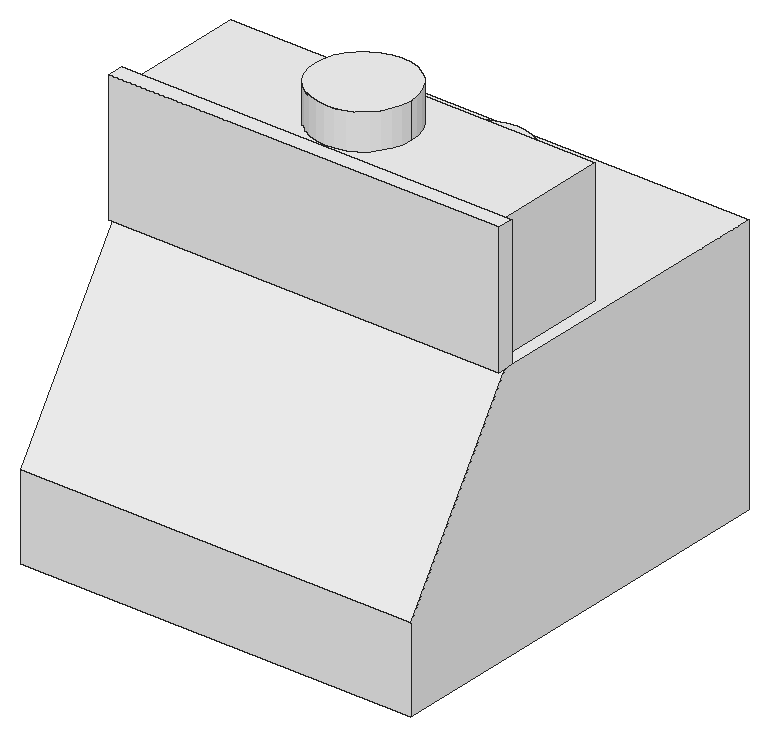
Revit family "レンジフードファン(ブース形自然給気タイプ)", category 機械設備, Revit 2019
Family settings
  丸型コネクタ寸法 = 直径を使用
  パーツ タイプ = 標準
  OmniClass 番号 = 23.75.35.17.27
  OmniClass タイトル = Centrifugal Fans
  作業面ベース = いいえ
  常に垂直 = はい
  ロード時にボイドで切り取り = いいえ
  共有 = いいえ
  部屋計算ポイント = いいえ
Parameters (values of type "V-604KQ9")
  騒音レベル(dB(A)) = 39.5
  風量 = 600.0 m³/h
  電源種別 [instance] = ""
  電圧 = 100 V
  電動機出力 = 0 W
  電動機_種別 = ""
  集中コントローラ = ""
  運転質量 = 0.00 kg
  連動 [instance] = ""
  質量 = if(製品質量 > 運転質量, 製品質量, 運転質量) * 1.2  # 23.40 kg
  負荷分類 = 3_ファン類
  説明 = "レンジフードファン 深形 自然給気タイプ"
  設計風量 = 0.0 m³/h
  設置方法 = "天吊"
  記号 [instance] = ""
  製造元 = "三菱電機株式会社"
  製品質量 = 19.50 kg
  製品出荷対象 = "国内"
  製品リリース年月 = "2022年6月1日"
  製品グループ = ""
  系統 [instance] = ""
  符号 = if(☑給気／□排気, "FS", "FE")  # "FE"
  積算_科目 = "2 換気設備"
  積算_拾い区分 [instance] = ""
  相 = 1
  盤記号 [instance] = ""
  発停方法 [instance] = ""
  特殊仕様 [instance] = ""
  火災停止 [instance] = ""
  消費電力 = 77 W
  法定耐用年数 = "15"
  機外静圧_排気 = 210.0 Pa
  機外静圧 = 0.0 Pa
  極数 = 2
  材質 [instance] = ""
  操作・制御方式 = ""
  操作・制御スイッチ = ""
  排気量 = 0.0 m³/h
  形式 = "片吸込形"
  幹線記号 [instance] = ""
  対象室 [instance] = ""
  実風量 = 0.0 m³/h
  始動方式 [instance] = "直入"
  天吊用穴_ピッチ = 480 mm
  天吊用穴_D = 255 mm
  外気量 = 0.0 m³/h
  呼称 = "遠心送風機"
  周波数 = 50 Hz
  参照している仕様書等のバージョン = ""
  分類コード = "50052503100060"
  分類グループ = ""
  価格 = 126600
  企業コード = "108420"
  付属品_フィルター_還気 = ""
  付属品_フィルター = ""
  付属品 [instance] = ""
  仕様書バージョン = "Version1.0"
  上幕板_左側面 = no
  上幕板_右側面 = no
  モデル = "V-604KQ9"
  マテリアル = 鋼板(白)
  ファンの種類 = ""
  ダクト径 = 150 mm
  コメント [instance] = ""
  Keynote = ""
  Assembly Code = ""
  ☑給気／□排気 = no
  Width = 600 mm
  W1 = Width / 2  # 300 mm
  Version = ""
  Uniclass2015Version = "Systems v1.9"
  Uniclass2015Title = "Centrifugal fans"
  Uniclass2015Code = "Pr_65_67_29_12"
  URL = "https://www.mitsubishielectric.co.jp/ldg/wink/ssl/displayProduct.do?pid=320915"
  SpecificationReference = ""
  SpecificationDescription = ""
  SAダクト接続口_左側面 = no
  SAダクト接続口_右後部 = no
  SAダクト接続口_右側面 = no
  SAサイズ_D = 148 mm
  Revision = ""
  ProductInformation = ""
  OmniClassCode = "23-33 31 19 13 15"
  H2 = 600 mm
  SAダクト接続口_左後部 = no
  MIN風量 = 230.0 m³/h
  MIN静圧 = 0.0 Pa
  MID風量 = 350.0 m³/h
  MID静圧 = 0.0 Pa
  MAX風量 = 600.0 m³/h
  MAX静圧 = 0.0 Pa
  IfcTypeProduct = ""
  IfcProduct = ""
  IfcExportType = "CENTRIFUGALFORWARDCURVED"
  IfcExportAs = "IfcFanType"
  Height = 400 mm
  H1 = 129 mm
  SAダクト接続口_上部 = yes
  EAサイズ_D = 148 mm
  Duct_Shutter_Width = 560 mm
  Duct_Shutter_Height = 190 mm
  Duct_Shutter_D = 270 mm
  Duct_SA_Pitch = 400 mm
  Duct_SA_D = 365 mm
  Duct_Height = 55 mm
  Duct_EA_D = 145 mm
  Duct_H = 500 mm
  Depth = 650 mm
  D3 = 160 mm
  D2 = 480 mm
  D1 = 469 mm
  Clearance Top = 0 mm
  Clearance Right = 0 mm
  Clearance Left = 0 mm
  Clearance Front = 0 mm
  Clearance Bottom = 0 mm
  Clearance Back = 0 mm
  Author = "三菱電機株式会社"
Types (3, lengths in mm): name | 騒音レベル(dB(A)) | 風量 | 質量 | 製品質量 | 消費電力 | 価格 | モデル | URL | H2 | MIN風量 | MID風量 | MAX風量
  V-604KQ9 | 39.5 | 600.0 m³/h | 23.40 kg | 19.50 kg | 77 W | 126600 | "V-604KQ9" | "https://www.mitsubishielectric.co.jp/ldg/wink/ssl/displayProduct.do?pid=320915" | 600 | 230.0 m³/h | 350.0 m³/h | 600.0 m³/h
  V-604KQ8-BL | 43 | 660.0 m³/h | 24.00 kg | 20.00 kg | 118 W | 122000 | "V-604KQ8-BL" | "https://www.mitsubishielectric.co.jp/ldg/wink/ssl/displayProduct.do?pid=320914" | 600 | 255.0 m³/h | 380.0 m³/h | 660.0 m³/h
  V-6047KQ8-BL | 43 | 660.0 m³/h | 24.00 kg | 20.00 kg | 118 W | 128700 | "V-6047KQ8-BL" | "https://www.mitsubishielectric.co.jp/ldg/wink/ssl/displayProduct.do?pid=320907" | 700 | 255.0 m³/h | 380.0 m³/h | 660.0 m³/h
Reference planes
  plane 1 "中心(正面/背面)": y = 0
  plane 2: z = 0
  plane 3 "中心(左/右)": x = 0
  plane 4: x = -300
  plane 5: x = 300
  plane 6: y = -650
  plane 7: z = -400
  plane 8: z = -271
  plane 9: y = -325
  plane 10: y = -469
  plane 11: y = -145
  plane 12: z = 200
  plane 13: y = -270
  plane 14: y = -480
  plane 15: x = 200
  plane 16: x = -200
  plane 17: z = 245
  plane 18: z = 100
  plane 19: y = -215
  plane 20: y = -365
  plane 21: z = 55
  plane 22: y = -255
  plane 23: x = -240
  plane 24: x = 240
  plane 25: x = -150
  plane 26: x = 150
  plane 27: y = -455
  plane 28: x = -280
  plane 29: x = 280
  plane 30: z = 190
  plane 31: y = -320
  plane 32: x = 335
  plane 33: x = -335
  plane 34: x = -285
  plane 35: x = 285
Forms (mm)
  Extrusion 1, solid, material "鋼板(白)" <- "マテリアル", detail levels fine
    sketch origin (0, 0, 0) x (1, 0, 0) y (0, 1, 0)
      loop
        line (-300, 0) -> (-300, -469) -> (300, -469) -> (300, 0) -> (-300, 0)
    from -400 to 0
  Blend 2, solid, material "鋼板(白)" <- "マテリアル", detail levels fine
    base sketch origin (0, 0, 0) x (1, 0, 0) y (0, 0, 1)
      loop
        line (-300, -400) -> (300, -400) -> (300, 0) -> (-300, 0) -> (-300, -400)
    top sketch origin (0, 0, 0) x (1, 0, 0) y (0, 0, 1)
      loop
        line (-300, -400) -> (300, -400) -> (300, -271) -> (-300, -271) -> (-300, -400)
    from 469 to 650
  Extrusion 3, solid, material "鋼板(白)" <- "マテリアル", detail levels fine
    sketch origin (0, 0, 0) x (1, 0, 0) y (0, 1, 0)
      loop
        circle (0, -145) r 74
    from 0 to 55
  Extrusion 4, solid, material "鋼板(白)" <- "マテリアル", detail levels fine
    sketch origin (0, 0, 0) x (1, 0, 0) y (0, 1, 0)
      loop
        line (-300, -455) -> (-300, -480) -> (300, -480) -> (300, -455) -> (-300, -455)
    from 0 to 200
  Extrusion 5, solid, material "鋼板(白)" <- "マテリアル", visible <- "SAダクト接続口_上部", detail levels fine
    sketch origin (0, 0, 0) x (1, 0, 0) y (0, 1, 0)
      loop
        circle (0, -365) r 74
    from 190 to 245
  Extrusion 6, solid, material "鋼板(白)" <- "マテリアル", visible <- "SAダクト接続口_左後部", detail levels fine
    sketch origin (0, 0, 0) x (1, 0, 0) y (0, 0, 1)
      loop
        circle (-200, 100) r 74
    from 215 to 270
  Extrusion 7, solid, material "鋼板(白)" <- "マテリアル", visible <- "SAダクト接続口_右後部", detail levels fine
    sketch origin (0, 0, 0) x (1, 0, 0) y (0, 0, 1)
      loop
        circle (200, 100) r 74
    from 215 to 270
  Extrusion 8, solid, material "鋼板(白)" <- "マテリアル"
    sketch origin (0, 0, 0) x (1, 0, 0) y (0, 1, 0)
      loop
        line (-280, -270) -> (-280, -455) -> (280, -455) -> (280, -270) -> (-280, -270)
    from 0 to 190
  Extrusion 9, solid, material "鋼板(白)" <- "マテリアル", visible <- "上幕板_左側面"
    sketch origin (0, 0, 0) x (1, 0, 0) y (0, 1, 0)
      loop
        line (-285, -455) -> (-285, -320) -> (-300, -320) -> (-300, -455) -> (-285, -455)
    from 0 to 200
  Extrusion 10, solid, material "鋼板(白)" <- "マテリアル", visible <- "上幕板_右側面"
    sketch origin (0, 0, 0) x (-1, 0, 0) y (0, -1, 0)
      loop
        line (-285, 455) -> (-300, 455) -> (-300, 320) -> (-285, 320) -> (-285, 455)
    from 0 to 200
  Extrusion 11, solid, material "鋼板(白)" <- "マテリアル", visible <- "SAダクト接続口_左側面"
    sketch origin (0, 0, 0) x (0, 1, 0) y (0, 0, 1)
      loop
        circle (-365, 100) r 74
    from -335 to -280
  Extrusion 12, solid, material "鋼板(白)" <- "マテリアル", visible <- "SAダクト接続口_右側面"
    sketch origin (0, 0, 0) x (0, 1, 0) y (0, 0, 1)
      loop
        circle (-365, 100) r 74
    from 280 to 335
Cuts and joins
  joined: Extrusion 1, Blend 2
Lines and regions (mm)
  Masking region 1, detail levels coarse+medium
    outline origin (1326.5, 29, 0) x (1, 0, 0) y (0, 1, 0)
      loop
        line (-1626.5, -29) -> (-1626.5, -679) -> (-1026.5, -679) -> (-1026.5, -29) -> (-1626.5, -29)
  symbolic lines, detail levels coarse+medium
    curve 1: circle (-150, -325, 0) r 150 normal (0, 0, 1)
    curve 2: circle (150, -325, 0) r 150 normal (0, 0, 1)
Dimensions and locks
  equal spacing: plane 4, plane 3 "中心(左/右)", plane 5
  "Width": plane 4 to plane 5
  equal spacing: plane 6, plane 9, plane 1 "中心(正面/背面)"
  "Depth": plane 1 "中心(正面/背面)" to plane 6
  "D1": plane 1 "中心(正面/背面)" to plane 10
  "Duct_EA_D": plane 1 "中心(正面/背面)" to plane 11
  "Height": level to plane 7
  "H1": plane 8 to plane 7
  "H2": plane 12 to plane 7
  "D2": plane 1 "中心(正面/背面)" to plane 14
  "Duct_Shutter_D": plane 1 "中心(正面/背面)" to plane 13
  "Duct_SA_D": plane 1 "中心(正面/背面)" to plane 20
  equal spacing: plane 16, plane 3 "中心(左/右)", plane 15
  "Duct_SA_Pitch": plane 16 to plane 15
  "Duct_Height": plane 19 to plane 13
  "Duct_Height": plane 21 to level
  "天吊用穴_D": plane 22 to plane 1 "中心(正面/背面)"
  equal spacing: plane 23, plane 3 "中心(左/右)", plane 24
  "天吊用穴_ピッチ": plane 23 to plane 24
  equal spacing: plane 4, plane 25, plane 3 "中心(左/右)"
  equal spacing: plane 3 "中心(左/右)", plane 26, plane 5
  locked: plane 27 to plane 14 at 25
  equal spacing: plane 28, plane 3 "中心(左/右)", plane 29
  "Duct_Shutter_Width": plane 28 to plane 29
  "Duct_Shutter_Height": plane 30 to level
  "D3": plane 31 to plane 14
  "Duct_H": plane 18 to plane 7
  "Duct_Height": plane 29 to plane 32
  "Duct_Height": plane 33 to plane 28
  "Duct_Height": plane 17 to plane 30
  locked: plane 4 to plane 34 at 15
  locked: plane 35 to plane 5 at 15
  "EAサイズ_D": diameter of Extrusion 6 sketch curve
  "SAサイズ_D": diameter of Extrusion 7 sketch curve
  "EAサイズ_D": diameter of Extrusion 3 sketch curve
  "SAサイズ_D": diameter of Extrusion 5 sketch curve
  "W1": diameter of curve 1
  "W1": diameter of curve 2
  "SAサイズ_D": diameter of Extrusion 11 sketch curve
  "SAサイズ_D": diameter of Extrusion 12 sketch curve
  aligned and locked: level to plane 2
  aligned and locked: Masking region 1 to plane 4
  aligned and locked: plane 5 to Masking region 1
  aligned and locked: Masking region 1 to plane 6
  aligned and locked: Masking region 1 to plane 1 "中心(正面/背面)"
  aligned and locked: plane 1 "中心(正面/背面)" to Extrusion 1 sketch curve
  aligned and locked: plane 4 to Extrusion 1 sketch curve
  aligned and locked: plane 10 to Extrusion 1 sketch curve
  aligned and locked: Extrusion 1 sketch curve to plane 5
  aligned and locked: Blend 2 sketch curve to plane 7  (x2)
  aligned and locked: level to Blend 2 sketch curve
  aligned and locked: Blend 2 sketch curve to plane 5
  aligned and locked: Blend 2 sketch curve to plane 4
  aligned and locked: var sketch to Blend 2 sketch curve
  aligned and locked: Extrusion 1 to plane 7
  aligned and locked: level to Extrusion 1
  aligned and locked: Blend 2 to plane 6
  aligned and locked: plane 10 to Blend 2
  aligned and locked: plane 8 to Blend 2 sketch curve
  aligned and locked: plane 4 to Extrusion 4 sketch curve
  aligned and locked: plane 14 to Extrusion 4 sketch curve
  aligned and locked: Extrusion 4 sketch curve to plane 5
  aligned and locked: plane 12 to Extrusion 4
  aligned and locked: Extrusion 4 to level
  aligned and locked: plane 17 to Extrusion 5
  aligned and locked: plane 19 to Extrusion 6
  aligned and locked: plane 19 to Extrusion 7
  aligned and locked: Extrusion 6 to plane 13
  aligned and locked: Extrusion 7 to plane 13
  aligned and locked: Extrusion 3 to level
  aligned and locked: plane 21 to Extrusion 3
  aligned and locked: nested 1 to plane 22
  aligned and locked: plane 23 to nested 1
  aligned and locked: plane 24 to nested 1
  aligned and locked: Extrusion 4 sketch curve to plane 27
  aligned and locked: Extrusion 8 sketch curve to plane 13
  aligned and locked: plane 29 to Extrusion 8
  aligned and locked: Extrusion 8 to plane 28
  aligned and locked: Extrusion 8 to plane 27
  aligned and locked: plane 30 to Extrusion 8
  aligned and locked: Extrusion 8 to level
  aligned and locked: Extrusion 9 sketch curve to plane 31
  aligned and locked: plane 27 to Extrusion 9 sketch curve
  aligned and locked: plane 4 to Extrusion 9 sketch curve
  aligned and locked: plane 5 to Extrusion 10 sketch curve
  aligned and locked: plane 31 to Extrusion 10 sketch curve
  aligned and locked: Extrusion 10 sketch curve to plane 27
  aligned and locked: plane 12 to Extrusion 10
  aligned and locked: Extrusion 10 to level
  aligned and locked: plane 12 to Extrusion 9
  aligned and locked: Extrusion 9 to level
  aligned and locked: plane 32 to Extrusion 12
  aligned and locked: Extrusion 12 to plane 29
  aligned and locked: plane 33 to Extrusion 11
  aligned and locked: plane 28 to Extrusion 11
  aligned and locked: Extrusion 5 to plane 30
  aligned and locked: Extrusion 9 sketch curve to plane 34
  aligned and locked: plane 35 to Extrusion 10 sketch curve
Automatic sketch dimensions
  curve 1 to plane 9 = 0 mm
  curve 1 to plane 25 = 0 mm
  curve 2 to plane 9 = 0 mm
  curve 2 to plane 26 = 0 mm
  Masking region 1 sketch curve to plane 4 = 0 mm
  Masking region 1 sketch curve to plane 5 = 0 mm
  Masking region 1 sketch curve to plane 6 = 0 mm
  plane 1 "中心(正面/背面)" to Masking region 1 sketch curve = 0 mm
  Blend 2 sketch curve to plane 4 = 0 mm
  Extrusion 3 sketch curve to plane 3 "中心(左/右)" = 0 mm
  Extrusion 3 sketch curve to plane 11 = 0 mm
  Extrusion 5 sketch curve to plane 3 "中心(左/右)" = 0 mm
  Extrusion 5 sketch curve to plane 20 = 0 mm
  Extrusion 6 sketch curve to plane 16 = 0 mm
  Extrusion 6 sketch curve to plane 18 = 0 mm
  Extrusion 7 sketch curve to plane 15 = 0 mm
  Extrusion 7 sketch curve to plane 18 = 0 mm
  Extrusion 8 sketch curve to plane 27 = 0 mm
  Extrusion 8 sketch curve to plane 28 = 0 mm
  Extrusion 8 sketch curve to plane 29 = 0 mm
  Extrusion 11 sketch curve to plane 18 = 0 mm
  Extrusion 11 sketch curve to plane 20 = 0 mm
  Extrusion 12 sketch curve to plane 18 = 0 mm
  Extrusion 12 sketch curve to plane 20 = 0 mm
Nested families
  nested 1: "固定点" at (-240, -255, 0), type "固定点"
    with W 480 mm, D 1000 mm
Connectors
  hvac at (0, -145, 55), driven by "ダクト径", driven by "機外静圧", driven by "風量"
    settings: on Extrusion 3, index 1, duct flow 600.0 m³/h, flow factor 0, pres drop 0.0 Pa, loss coef 0, conn angle 0.00°, conn width 304.8 mm, conn height 304.8 mm, conn diameter 150 mm, duct sys type 3, conn prof type 0, flow config 0, flow direction 2, loss method 4, conn ref index -1, conn util no, is conn primary yes, conn desc ""
  electrical at (0, -234.5, 0), driven by "極数", driven by "負荷分類", driven by "電圧", driven by "消費電力"
    settings: on cut or joined group of Extrusion 1, Blend 2, index 2, voltage 100 V, apparent load 77 VA, apparent load phase1 0 VA, apparent load phase2 0 VA, apparent load phase3 0 VA, power factor 1, load classification "3_ファン類", number of poles 2, system type 30, power factor state 1, is connector primary yes, connector utility no, sub classification motor no, connector description ""
  hvac at (0, -365, 245), driven by "ダクト径", driven by "機外静圧", driven by "風量"
    settings: on Extrusion 5, index 3, duct flow 600.0 m³/h, flow factor 0, pres drop 0.0 Pa, loss coef 0, conn angle 0.00°, conn width 304.8 mm, conn height 304.8 mm, conn diameter 150 mm, duct sys type 1, conn prof type 0, flow config 0, flow direction 1, loss method 4, conn ref index -1, conn util no, is conn primary no, conn desc ""
  hvac at (200, -215, 100), driven by "機外静圧", driven by "風量", driven by "ダクト径"
    settings: on Extrusion 7, index 4, duct flow 600.0 m³/h, flow factor 0, pres drop 0.0 Pa, loss coef 0, conn angle 0.00°, conn width 304.8 mm, conn height 304.8 mm, conn diameter 150 mm, duct sys type 1, conn prof type 0, flow config 0, flow direction 1, loss method 4, conn ref index -1, conn util no, is conn primary no, conn desc ""
  hvac at (-200, -215, 100), driven by "機外静圧", driven by "風量", driven by "ダクト径"
    settings: on Extrusion 6, index 5, duct flow 600.0 m³/h, flow factor 0, pres drop 0.0 Pa, loss coef 0, conn angle 0.00°, conn width 304.8 mm, conn height 304.8 mm, conn diameter 150 mm, duct sys type 1, conn prof type 0, flow config 0, flow direction 1, loss method 4, conn ref index -1, conn util no, is conn primary no, conn desc ""
  hvac at (335, -365, 100), driven by "ダクト径", driven by "機外静圧", driven by "風量"
    settings: on Extrusion 12, index 6, duct flow 600.0 m³/h, flow factor 0, pres drop 0.0 Pa, loss coef 0, conn angle 0.00°, conn width 304.8 mm, conn height 304.8 mm, conn diameter 150 mm, duct sys type 1, conn prof type 0, flow config 0, flow direction 1, loss method 4, conn ref index -1, conn util no, is conn primary no, conn desc ""
  hvac at (-335, -365, 100), driven by "ダクト径", driven by "機外静圧", driven by "風量"
    settings: on Extrusion 11, index 7, duct flow 600.0 m³/h, flow factor 0, pres drop 0.0 Pa, loss coef 0, conn angle 0.00°, conn width 304.8 mm, conn height 304.8 mm, conn diameter 150 mm, duct sys type 1, conn prof type 0, flow config 0, flow direction 1, loss method 4, conn ref index -1, conn util no, is conn primary no, conn desc ""
Definition of nested family "固定点"
  Parameters (values of type "固定点")
    中心円 = 20 mm
    W [instance] = 1000 mm
    D [instance] = 1000 mm
  Reference planes
    plane 1 "中心(正面/背面)": y = 0
    plane 2: z = 0
    plane 3 "中心(左/右)": x = 0
    plane 4: x = 1000
  Lines and regions (mm)
    symbolic lines, detail levels fine
      curve 1: circle (0, 0, 0) r 10 normal (0, 0, 1)
      curve 2: circle (1000, 0, 0) r 10 normal (0, 0, 1)
      curve 3: line (-200, 0, 0) -> (1200, 0, 0)
      curve 4: line (0, 200, 0) -> (0, -200, 0)
      curve 5: line (1000, 200, 0) -> (1000, -200, 0)
  Dimensions and locks
    "W": plane 3 "中心(左/右)" to plane 4
    "中心円": diameter of curve 1
    "中心円": diameter of curve 2
    aligned and locked: level to plane 2
    aligned and locked: plane 3 "中心(左/右)" to curve 1
    aligned and locked: plane 1 "中心(正面/背面)" to curve 1
    aligned and locked: plane 1 "中心(正面/背面)" to curve 2
    aligned and locked: plane 4 to curve 2
    aligned and locked: plane 1 "中心(正面/背面)" to curve 3
    aligned and locked: curve 4 to plane 3 "中心(左/右)"
    aligned and locked: curve 5 to plane 4
  Automatic sketch dimensions
    curve 3 to plane 3 "中心(左/右)" = 200 mm
    curve 2 to curve 3 = 200 mm
    plane 1 "中心(正面/背面)" to curve 4 = 200 mm
    plane 1 "中心(正面/背面)" to curve 5 = 200 mm
    curve 5 to plane 1 "中心(正面/背面)" = 200 mm
    curve 4 to plane 1 "中心(正面/背面)" = 200 mm
